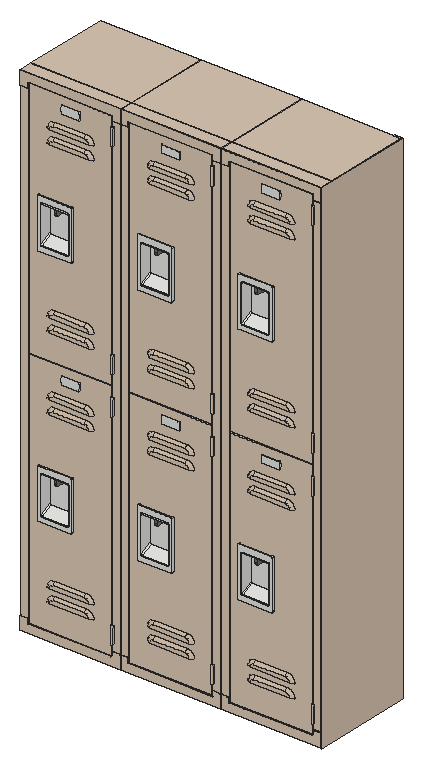
Revit family "Locker_SalsburyInd_Metal-2-Tier-Triple", category Specialty Equipment, Revit 2026
Family settings
  Round Connector Dimension = Use Diameter
  Part Type = Normal
  Classification Number = 23.40.00.00
  Work Plane-Based = No
  Enable Cutting in Views = No
  Always vertical = Yes
  Cut with Voids When Loaded = No
  Maintain Annotation Orientation = No
  Shared = No
  Room Calculation Point = No
Parameters
  Warranty Duration (Years) = 0
  Vertical Front Filler Width_Right [instance] = 15.000"
  Vertical Front Filler Width_Left [instance] = 15.000"
  Vertical Filler_Right [instance] = ML_Front Filler : None
  Vertical Filler_Left [instance] = ML_Front Filler : None
  Unit Width = 12.000"
  Unit Height = 60.000"
  Unit Depth = 12.000"
  URL = "www.lockers.com"
  Type Comments = "Specify Assembled or Disassembled"
  Specification = ""
  SpecWizard = ""
  Sales Information = "http://www.lockers.com/service/contact/"
  Revision = "R1_2017-09"
  Product Properties = "http://www.lockers.com/shop-by-department/metal-lockers/standard-12-w/"
  Product Data = "http://www.arcat.com/arcatcos/cos35/arc35330.html"
  Overall Height [instance] = Unit Height + Base Height + Sloping Hood Height  # 60.000"
  Manufacturer Website = "http://www.lockers.com/"
  Manufacturer Phone - Toll Free = "800-562-5377"
  Manufacturer Phone = "323-846-6700"
  Manufacturer Fax = "323-846-6800"
  Manufacturer Address = "1010 E. 62nd St.  Los Angeles, CA 90001-1598"
  Maintenance Schedule (Months) = 0
  Lock Type [instance] = "[Built-in Combination][Padlock][Built-in Resettable Combination]"
  Keynote = "10 50 00"
  Installation Phase = ""
  Hasp Plate Material [instance] = Finish - Salsbury - Polished Steel
  Hasp Handle Material [instance] = Finish - Salsbury - Black
  Green Building-LEED = ""
  Expected Lifespan (Years) = 0
  End Panel_Right [instance] = ML_End Panel : Single
  End Panel_Left [instance] = ML_End Panel : None
  Drawn By = "Sumex Design, Inc. / Robert S. Weygant, CSI, CDT, SCIP"
  Door Width = Unit Width - (1.063" * 2)  # 9.874"
  Door Height = Unit Height - (1.094" * 2)  # 57.812"
  Top Filler_Right [instance] = ML_Top Filler : None
  Top Filler_Left [instance] = ML_Top Filler : None
  Sloping Hood Height [instance] = if(not(Sloped Hood), 0.000", if(Unit Depth = 12.000", 6.625", if(Unit Depth = 15.000", 8.682", if(Unit Depth = 18.000", 10.739", 0.000"))))  # 0.000"
  Sloped Hood [instance] = no
  Model = "as Specified"
  Manufacturer = "Salsbury Industries"
  Fixture Finish [instance] = Finish - Salsbury - Tan
  Door B3 Label [instance] = "Number / Name as Specified"
  Door B2 Label [instance] = "Number / Name as Specified"
  Door B Label [instance] = "Number / Name as Specified"
  Door A3 Label [instance] = "Number / Name as Specified"
  Door A2 Label [instance] = "Number / Name as Specified"
  Door A Label [instance] = "Number / Name as Specified"
  Description = "Salsbury Locker as Specified"
  Default Elevation = 0.000"
  Copyright = "©Arcat Inc."
  Construction Details = "http://www.arcat.com/details/salsbury/salsbury.html?coid=35330"
  Base_Right [instance] = ML_Base Side : None
  Base_Left [instance] = ML_Base Side : None
  Base Type = ML_Base Type : No Legs
  Base Height = 0.000"
  Base Front [instance] = ML_Front Base : None
  Assembly Code = "C1030310"
Reference planes (in)
  plane 1 "Center (Front/Back)": y = 0.005
  plane 2: z = 0
  plane 3 "Center (Left/Right)": x = 0
  plane 4 "Floor": z = 0
  plane 5 "Bottom of Unit": z = 0
  plane 6 "Top of Unit": z = 60
  plane 7 "Left Side of Unit": x = -6
  plane 8 "Right Side of Unit": x = 6
  plane 9 "Back of Unit": y = 6.005
  plane 10 "Front of Unit": y = -5.995
  plane 11 "Top of Sloping Hood": z = 60
  plane 12 "Right Side of Door Opening": x = 5
  plane 13 "Left Side of Door Opening": x = -5
  plane 14 "Top of Door Opening": z = 59
  plane 15 "Bottom of Door Opening": z = 1
  plane 16 "Back Edge of Front Facing": y = -4.407
  plane 17 "Front Plate Plane": y = -6.055
  plane 18 "Top of Door 1": z = 58.90976
  plane 19 "Bottom of Bottom Door": z = 1.09027
  plane 20: x = -5.075
  plane 21: x = 5.075
  plane 22: z = 58.40796
  plane 23: z = 1.59204
  plane 24: x = -18
  plane 25: x = 18
  plane 26: x = -12
  plane 27: x = 12
  plane 28: x = -18.0625
  plane 29: x = 18.0625
Forms (in)
  Sweep 1, solid, material "Finish - Salsbury - Tan" <- "Fixture Finish"
    path origin (0, -5.995, 0) x (1, 0, 0) y (0, 0, 1)
      loop
        line (-6, 60) -> (-6, 0) -> (6, 0) -> (6, 60) -> (-6, 60)
    profile origin (0, -5.995, 60) x (0, 0, 1) y (0, -1, 0)
      loop
        line (0, 0) -> (-1, 0) -> (-1, -1.588) -> (0, -1.588) -> (0, 0)
  Extrusion 2, solid, material "Finish - Salsbury - Tan" <- "Fixture Finish"
    sketch origin (0, -6.055, 0) x (0, 0, -1) y (1, 0, 0)
      loop
        line (-60, -6) -> (-58.47656, -6)
        arc (-58.47656, -6) -> (-58.42806, -5.97991) -> (-58.40796, -5.9314) r 0.0686
        line (-58.40796, -5.9314) -> (-58.40796, -5.14351)
        arc (-58.40796, -5.14351) -> (-58.42809, -5.09506) -> (-58.47656, -5.075) r 0.0686
        line (-58.47656, -5.075) -> (-59, -5.075) -> (-59, 5.075) -> (-58.47656, 5.075)
        arc (-58.47656, 5.075) -> (-58.42809, 5.09506) -> (-58.40796, 5.14351) r 0.0686
        line (-58.40796, 5.14351) -> (-58.40796, 5.9314)
        arc (-58.40796, 5.9314) -> (-58.42806, 5.97991) -> (-58.47656, 6) r 0.0686
        line (-58.47656, 6) -> (-60, 6) -> (-60, -6)
    from -0.06 to 0
  Extrusion 3, solid, material "Finish - Salsbury - Tan" <- "Fixture Finish"
    sketch origin (0, -6.055, 84) x (0, 0, 1) y (-1, 0, 0)
      loop
        line (-84, 6) -> (-84, -6) -> (-82.47656, -6)
        arc (-82.47656, -6) -> (-82.42806, -5.97991) -> (-82.40796, -5.9314) r 0.0686
        line (-82.40796, -5.9314) -> (-82.40796, -5.14351)
        arc (-82.40796, -5.14351) -> (-82.42809, -5.09506) -> (-82.47656, -5.075) r 0.0686
        line (-82.47656, -5.075) -> (-83, -5.075) -> (-83, 5.075) -> (-82.47656, 5.075)
        arc (-82.47656, 5.075) -> (-82.42809, 5.09506) -> (-82.40796, 5.14351) r 0.0686
        line (-82.40796, 5.14351) -> (-82.40796, 5.9314)
        arc (-82.40796, 5.9314) -> (-82.42806, 5.97991) -> (-82.47656, 6) r 0.0686
        line (-82.47656, 6) -> (-84, 6)
    from -0.06 to 0
  Extrusion 4, solid, material "Finish - Salsbury - Tan" <- "Fixture Finish"
    sketch origin (6, 0, 0) x (0, 0, -1) y (0, -1, 0)
      loop
        line (-59.94, 4.407) -> (-59.94, 6.055) -> (-60, 6.055) -> (-60, -6.005) -> (0, -6.005) -> (0, 4.407) -> (-59.94, 4.407)
    from 0 to 12
  Extrusion 5, void
    sketch origin (6, 0, 0) x (0, 0, -1) y (0, -1, 0)
      loop
        line (-60, 6.055) -> (-60, 4.407) -> (-59.94, 4.407) -> (-59.94, 6.055) -> (-60, 6.055)
    from -12 to 24
  Sweep 6, solid, material "Finish - Salsbury - Tan" <- "Fixture Finish"
    path origin (-12, -5.995, 0) x (1, 0, 0) y (0, 0, 1)
      loop
        line (-6, 60) -> (-6, 0) -> (6, 0) -> (6, 60) -> (-6, 60)
    profile origin (-12, -5.995, 60) x (0, 0, 1) y (0, -1, 0)
      loop
        line (0, 0) -> (-1, 0) -> (-1, -1.588) -> (0, -1.588) -> (0, 0)
  Sweep 7, solid, material "Finish - Salsbury - Tan" <- "Fixture Finish"
    path origin (12, -5.995, 0) x (1, 0, 0) y (0, 0, 1)
      loop
        line (-6, 60) -> (-6, 0) -> (6, 0) -> (6, 60) -> (-6, 60)
    profile origin (12, -5.995, 60) x (0, 0, 1) y (0, -1, 0)
      loop
        line (0, 0) -> (-1, 0) -> (-1, -1.588) -> (0, -1.588) -> (0, 0)
  Extrusion 8, solid, material "Finish - Salsbury - Tan" <- "Fixture Finish"
    sketch origin (-12, -6.055, 0) x (0, 0, -1) y (1, 0, 0)
      loop
        line (-60, -6) -> (-58.47656, -6)
        arc (-58.47656, -6) -> (-58.42806, -5.97991) -> (-58.40796, -5.9314) r 0.0686
        line (-58.40796, -5.9314) -> (-58.40796, -5.14351)
        arc (-58.40796, -5.14351) -> (-58.42809, -5.09506) -> (-58.47656, -5.075) r 0.0686
        line (-58.47656, -5.075) -> (-59, -5.075) -> (-59, 5.075) -> (-58.47656, 5.075)
        arc (-58.47656, 5.075) -> (-58.42809, 5.09506) -> (-58.40796, 5.14351) r 0.0686
        line (-58.40796, 5.14351) -> (-58.40796, 5.9314)
        arc (-58.40796, 5.9314) -> (-58.42806, 5.97991) -> (-58.47656, 6) r 0.0686
        line (-58.47656, 6) -> (-60, 6) -> (-60, -6)
    from -0.06 to 0
  Extrusion 9, solid, material "Finish - Salsbury - Tan" <- "Fixture Finish"
    sketch origin (12, -6.055, 0) x (0, 0, -1) y (1, 0, 0)
      loop
        line (-60, -6) -> (-58.47656, -6)
        arc (-58.47656, -6) -> (-58.42806, -5.97991) -> (-58.40796, -5.9314) r 0.0686
        line (-58.40796, -5.9314) -> (-58.40796, -5.14351)
        arc (-58.40796, -5.14351) -> (-58.42809, -5.09506) -> (-58.47656, -5.075) r 0.0686
        line (-58.47656, -5.075) -> (-59, -5.075) -> (-59, 5.075) -> (-58.47656, 5.075)
        arc (-58.47656, 5.075) -> (-58.42809, 5.09506) -> (-58.40796, 5.14351) r 0.0686
        line (-58.40796, 5.14351) -> (-58.40796, 5.9314)
        arc (-58.40796, 5.9314) -> (-58.42806, 5.97991) -> (-58.47656, 6) r 0.0686
        line (-58.47656, 6) -> (-60, 6) -> (-60, -6)
    from -0.06 to 0
  Extrusion 10, solid, material "Finish - Salsbury - Tan" <- "Fixture Finish"
    sketch origin (6, 0, 0) x (0, 0, -1) y (0, -1, 0)
      loop
        line (-59.94, 4.407) -> (-59.94, 6.055) -> (-60, 6.055) -> (-60, -6.005) -> (0, -6.005) -> (0, 4.407) -> (-59.94, 4.407)
    from -12 to 0
  Extrusion 11, solid, material "Finish - Salsbury - Tan" <- "Fixture Finish"
    sketch origin (-6, 0, 0) x (0, 0, -1) y (0, 1, 0)
      loop
        line (-59.94, -4.407) -> (0, -4.407) -> (0, 6.005) -> (-60, 6.005) -> (-60, -6.055) -> (-59.94, -6.055) -> (-59.94, -4.407)
    from -12 to 0
  Extrusion 12, solid, material "Finish - Salsbury - Tan" <- "Fixture Finish"
    sketch origin (12, -6.055, 84) x (0, 0, 1) y (-1, 0, 0)
      loop
        line (-84, 6) -> (-84, -6) -> (-82.47656, -6)
        arc (-82.47656, -6) -> (-82.42806, -5.97991) -> (-82.40796, -5.9314) r 0.0686
        line (-82.40796, -5.9314) -> (-82.40796, -5.14351)
        arc (-82.40796, -5.14351) -> (-82.42809, -5.09506) -> (-82.47656, -5.075) r 0.0686
        line (-82.47656, -5.075) -> (-83, -5.075) -> (-83, 5.075) -> (-82.47656, 5.075)
        arc (-82.47656, 5.075) -> (-82.42809, 5.09506) -> (-82.40796, 5.14351) r 0.0686
        line (-82.40796, 5.14351) -> (-82.40796, 5.9314)
        arc (-82.40796, 5.9314) -> (-82.42806, 5.97991) -> (-82.47656, 6) r 0.0686
        line (-82.47656, 6) -> (-84, 6)
    from -0.06 to 0
  Extrusion 13, solid, material "Finish - Salsbury - Tan" <- "Fixture Finish"
    sketch origin (-12, -6.055, 84) x (0, 0, 1) y (-1, 0, 0)
      loop
        line (-84, -6) -> (-82.47656, -6)
        arc (-82.47656, -6) -> (-82.42806, -5.97991) -> (-82.40796, -5.9314) r 0.0686
        line (-82.40796, -5.9314) -> (-82.40796, -5.14351)
        arc (-82.40796, -5.14351) -> (-82.42809, -5.09506) -> (-82.47656, -5.075) r 0.0686
        line (-82.47656, -5.075) -> (-83, -5.075) -> (-83, 5.075) -> (-82.47656, 5.075)
        arc (-82.47656, 5.075) -> (-82.42809, 5.09506) -> (-82.40796, 5.14351) r 0.0686
        line (-82.40796, 5.14351) -> (-82.40796, 5.9314)
        arc (-82.40796, 5.9314) -> (-82.42806, 5.97991) -> (-82.47656, 6) r 0.0686
        line (-82.47656, 6) -> (-84, 6) -> (-84, -6)
    from -0.06 to 0
Cuts and joins
  Extrusion 5 cuts Extrusion 4
  Extrusion 5 cuts Extrusion 10
  Extrusion 5 cuts Extrusion 11
Dimensions and locks (in)
  equal spacing: plane 7 "Left Side of Unit", plane 3 "Center (Left/Right)", plane 8 "Right Side of Unit"
  "Unit Width": plane 7 "Left Side of Unit" to plane 8 "Right Side of Unit"
  "Base Height": plane 5 "Bottom of Unit" to plane 4 "Floor"
  "Unit Height": plane 6 "Top of Unit" to plane 5 "Bottom of Unit"
  equal spacing: plane 10 "Front of Unit", plane 1 "Center (Front/Back)", plane 9 "Back of Unit"
  "Unit Depth": plane 10 "Front of Unit" to plane 9 "Back of Unit"
  "Sloping Hood Height": plane 11 "Top of Sloping Hood" to plane 6 "Top of Unit"
  plane 6 "Top of Unit" to plane 14 "Top of Door Opening" to plane 18 "Top of Door 1" to plane 22 = 1.000" locked, 0.09024" locked, 0.5018" locked
  plane 23 to plane 19 "Bottom of Bottom Door" to plane 15 "Bottom of Door Opening" to plane 5 "Bottom of Unit" = 0.50177" locked, 0.09027" locked, 1.000" locked
  locked: plane 7 "Left Side of Unit" to plane 13 "Left Side of Door Opening" at 1
  locked: plane 12 "Right Side of Door Opening" to plane 8 "Right Side of Unit" at 1
  plane 17 "Front Plate Plane" to plane 10 "Front of Unit" to plane 16 "Back Edge of Front Facing" = 0.060" locked, 1.588" locked
  locked: plane 7 "Left Side of Unit" to plane 20 at 0.925
  locked: plane 21 to plane 8 "Right Side of Unit" at 0.925
  locked: Extrusion 4 sketch curve to plane 6 "Top of Unit" at 0.06
  locked: Extrusion 5 sketch curve to plane 6 "Top of Unit" at 0.06
  equal spacing: plane 24, plane 26, plane 7 "Left Side of Unit"
  equal spacing: plane 8 "Right Side of Unit", plane 27, plane 25
  "Unit Width": plane 24 to plane 7 "Left Side of Unit"
  "Unit Width": plane 8 "Right Side of Unit" to plane 25
  locked: plane 29 to plane 25 at 0.0625
  locked: plane 24 to plane 28 at 0.0625
  locked: plane 5 "Bottom of Unit" to Sweep 7 sketch curve at 0
  locked: plane 8 "Right Side of Unit" to Extrusion 9 sketch curve at 0.925
  locked: plane 25 to Extrusion 9 sketch curve at 0.925
  locked: Extrusion 8 sketch curve to plane 24 at 0.925
  locked: Extrusion 8 sketch curve to plane 7 "Left Side of Unit" at 0.925
  locked: Extrusion 10 sketch curve to plane 6 "Top of Unit" at 0.06
  locked: Extrusion 11 sketch curve to plane 6 "Top of Unit" at 0.06
  locked: Extrusion 13 sketch curve to plane 7 "Left Side of Unit" at 0.925
  locked: Extrusion 13 sketch curve to plane 24 at 0.925
  locked: plane 8 "Right Side of Unit" to Extrusion 12 sketch curve at 0.925
  locked: plane 25 to Extrusion 12 sketch curve at 0.925
  aligned and locked: level to plane 2
  aligned and locked: Extrusion 2 to plane 10 "Front of Unit"
  aligned and locked: Extrusion 3 to plane 10 "Front of Unit"
  aligned and locked: plane 4 "Floor" to nested 1
  aligned and locked: plane 5 "Bottom of Unit" to Extrusion 3
  aligned and locked: plane 10 "Front of Unit" to nested 2
  aligned and locked: nested 5 to plane 10 "Front of Unit"
  aligned and locked: plane 10 "Front of Unit" to nested 6
  aligned and locked: plane 10 "Front of Unit" to nested 4
  aligned and locked: plane 10 "Front of Unit" to nested 8
  aligned and locked: plane 10 "Front of Unit" to nested 1
  aligned and locked: plane 6 "Top of Unit" to Sweep 1 sketch curve  (x2)
  aligned and locked: Sweep 1 sketch curve to plane 7 "Left Side of Unit"
  aligned and locked: plane 8 "Right Side of Unit" to Sweep 1 sketch curve
  aligned and locked: Sweep 1 sketch curve to plane 5 "Bottom of Unit"
  aligned and locked: plane 10 "Front of Unit" to Sweep 1
  aligned and locked: Extrusion 2 to plane 17 "Front Plate Plane"
  aligned and locked: plane 10 "Front of Unit" to Extrusion 2
  aligned and locked: Extrusion 2 to plane 8 "Right Side of Unit"
  aligned and locked: plane 7 "Left Side of Unit" to Extrusion 2
  aligned and locked: plane 7 "Left Side of Unit" to Extrusion 3
  aligned and locked: plane 17 "Front Plate Plane" to Extrusion 3
  aligned and locked: Extrusion 3 to plane 8 "Right Side of Unit"
  aligned and locked: plane 20 to Extrusion 3
  aligned and locked: plane 21 to Extrusion 3
  aligned and locked: plane 21 to Extrusion 2
  aligned and locked: Extrusion 2 to plane 20
  aligned and locked: plane 16 "Back Edge of Front Facing" to Sweep 1 sketch curve
  aligned and locked: Sweep 1 sketch curve to plane 14 "Top of Door Opening"
  aligned and locked: Sweep 1 sketch curve to plane 10 "Front of Unit"
  aligned and locked: plane 22 to Extrusion 2  (x2)
  aligned and locked: Extrusion 2 to plane 6 "Top of Unit"
  aligned and locked: plane 14 "Top of Door Opening" to Extrusion 2
  aligned and locked: Extrusion 3 to plane 15 "Bottom of Door Opening"
  aligned and locked: plane 23 to Extrusion 3
  aligned and locked: Extrusion 3 to plane 23
  aligned and locked: plane 10 "Front of Unit" to nested 7
  aligned and locked: plane 11 "Top of Sloping Hood" to Extrusion 4 sketch curve
  aligned and locked: Extrusion 4 to plane 8 "Right Side of Unit"
  aligned and locked: plane 7 "Left Side of Unit" to Extrusion 4
  aligned and locked: plane 17 "Front Plate Plane" to Extrusion 4 sketch curve
  aligned and locked: Extrusion 5 sketch curve to plane 16 "Back Edge of Front Facing"
  aligned and locked: Extrusion 5 sketch curve to plane 6 "Top of Unit"
  aligned and locked: plane 17 "Front Plate Plane" to Extrusion 5 sketch curve
  aligned and locked: plane 5 "Bottom of Unit" to nested 4
  aligned and locked: nested 5 to plane 5 "Bottom of Unit"
  aligned and locked: plane 1 "Center (Front/Back)" to nested 3
  aligned and locked: nested 9 to plane 1 "Center (Front/Back)"
  aligned and locked: plane 3 "Center (Left/Right)" to nested 2
  aligned and locked: plane 3 "Center (Left/Right)" to nested 1
  aligned and locked: plane 1 "Center (Front/Back)" to nested 10
  aligned and locked: nested 11 to plane 1 "Center (Front/Back)"
  aligned and locked: plane 3 "Center (Left/Right)" to nested 8
  aligned and locked: nested 6 to plane 25
  aligned and locked: plane 24 to nested 7
  aligned and locked: plane 27 to nested 13
  aligned and locked: plane 26 to nested 12
  aligned and locked: plane 10 "Front of Unit" to nested 12
  aligned and locked: plane 10 "Front of Unit" to nested 13
  aligned and locked: nested 10 to plane 29
  aligned and locked: nested 11 to plane 28
  aligned and locked: nested 4 to plane 25
  aligned and locked: nested 5 to plane 24
  aligned and locked: nested 3 to plane 25
  aligned and locked: nested 9 to plane 24
  aligned and locked: plane 26 to nested 14
  aligned and locked: plane 27 to nested 15
  aligned and locked: plane 10 "Front of Unit" to nested 14
  aligned and locked: plane 10 "Front of Unit" to nested 15
  aligned and locked: plane 27 to nested 17
  aligned and locked: plane 26 to nested 16
  aligned and locked: plane 10 "Front of Unit" to nested 16
  aligned and locked: plane 10 "Front of Unit" to nested 17
  aligned and locked: Sweep 7 sketch curve to plane 8 "Right Side of Unit"
  aligned and locked: plane 6 "Top of Unit" to Sweep 7 sketch curve
  aligned and locked: Sweep 7 sketch curve to plane 25
  aligned and locked: Sweep 6 sketch curve to plane 5 "Bottom of Unit"
  aligned and locked: plane 7 "Left Side of Unit" to Sweep 6 sketch curve
  aligned and locked: plane 24 to Sweep 6 sketch curve
  aligned and locked: plane 6 "Top of Unit" to Sweep 6 sketch curve
  aligned and locked: plane 5 "Bottom of Unit" to Extrusion 4 sketch curve
  aligned and locked: plane 8 "Right Side of Unit" to Extrusion 9 sketch curve
  aligned and locked: Extrusion 9 sketch curve to plane 25
  aligned and locked: plane 7 "Left Side of Unit" to Extrusion 8 sketch curve
  aligned and locked: Extrusion 8 sketch curve to plane 24
  aligned and locked: plane 25 to Extrusion 10
  aligned and locked: plane 8 "Right Side of Unit" to Extrusion 10
  aligned and locked: Extrusion 11 to plane 24
  aligned and locked: Extrusion 11 to plane 7 "Left Side of Unit"
  aligned and locked: plane 6 "Top of Unit" to Extrusion 4 sketch curve
  aligned and locked: plane 6 "Top of Unit" to Extrusion 9 sketch curve
  aligned and locked: plane 6 "Top of Unit" to Extrusion 8 sketch curve
  aligned and locked: plane 6 "Top of Unit" to Extrusion 10 sketch curve
  aligned and locked: Extrusion 10 sketch curve to plane 17 "Front Plate Plane"
  aligned and locked: plane 16 "Back Edge of Front Facing" to Extrusion 10 sketch curve
  aligned and locked: Extrusion 10 sketch curve to plane 9 "Back of Unit"
  aligned and locked: plane 11 "Top of Sloping Hood" to Extrusion 10 sketch curve
  aligned and locked: plane 5 "Bottom of Unit" to Extrusion 10 sketch curve
  aligned and locked: plane 25 to Extrusion 5
  aligned and locked: Extrusion 5 to plane 24
  aligned and locked: plane 6 "Top of Unit" to Extrusion 11 sketch curve
  aligned and locked: Extrusion 11 sketch curve to plane 17 "Front Plate Plane"
  aligned and locked: plane 16 "Back Edge of Front Facing" to Extrusion 11 sketch curve
  aligned and locked: Extrusion 11 sketch curve to plane 9 "Back of Unit"
  aligned and locked: plane 5 "Bottom of Unit" to Extrusion 11 sketch curve
  aligned and locked: plane 11 "Top of Sloping Hood" to Extrusion 11 sketch curve
  aligned and locked: Extrusion 13 sketch curve to plane 5 "Bottom of Unit"
  aligned and locked: plane 24 to Extrusion 13 sketch curve
  aligned and locked: Extrusion 13 sketch curve to plane 7 "Left Side of Unit"
  aligned and locked: Extrusion 12 sketch curve to plane 8 "Right Side of Unit"
  aligned and locked: plane 5 "Bottom of Unit" to Extrusion 12 sketch curve
  aligned and locked: plane 25 to Extrusion 12 sketch curve
  aligned and locked: plane 19 "Bottom of Bottom Door" to nested 13
  aligned and locked: plane 19 "Bottom of Bottom Door" to nested 8
  aligned and locked: nested 12 to plane 19 "Bottom of Bottom Door"
  aligned and locked: plane 26 to nested 19
  aligned and locked: plane 3 "Center (Left/Right)" to nested 18
  aligned and locked: plane 27 to nested 20
  aligned and locked: nested 19 to plane 18 "Top of Door 1"
  aligned and locked: nested 18 to plane 18 "Top of Door 1"
  aligned and locked: nested 20 to plane 18 "Top of Door 1"
  aligned and locked: plane 10 "Front of Unit" to nested 19
  aligned and locked: plane 10 "Front of Unit" to nested 18
  aligned and locked: plane 10 "Front of Unit" to nested 20
Automatic sketch dimensions
  Extrusion 2 sketch curve to plane 6 "Top of Unit" = 0.000"
  Extrusion 2 sketch curve to plane 14 "Top of Door Opening" = 0.000"
  plane 20 to Extrusion 2 sketch curve = 0.000"
  plane 7 "Left Side of Unit" to Extrusion 2 sketch curve = 0.000"
  plane 21 to Extrusion 2 sketch curve = 0.000"
  plane 8 "Right Side of Unit" to Extrusion 2 sketch curve = 0.000"
  Extrusion 2 sketch curve to plane 22 = 0.000"  (x2)
  Extrusion 2 sketch curve to plane 22 = 0.0686"  (x4)
  Extrusion 2 sketch curve to Extrusion 2 sketch curve = 0.0686"
  Extrusion 2 sketch curve to plane 21 = 0.06851"
  Extrusion 3 sketch curve to plane 5 "Bottom of Unit" = 0.000"
  Extrusion 3 sketch curve to plane 15 "Bottom of Door Opening" = 0.000"
  plane 20 to Extrusion 3 sketch curve = 0.000"
  plane 7 "Left Side of Unit" to Extrusion 3 sketch curve = 0.000"
  plane 21 to Extrusion 3 sketch curve = 0.000"
  plane 8 "Right Side of Unit" to Extrusion 3 sketch curve = 0.000"
  Extrusion 3 sketch curve to plane 23 = 0.000"  (x2)
  Extrusion 3 sketch curve to plane 23 = 0.0686"  (x4)
  Extrusion 3 sketch curve to Extrusion 3 sketch curve = 0.0686"
  plane 21 to Extrusion 3 sketch curve = 0.06851"
  Extrusion 4 sketch curve to plane 9 "Back of Unit" = 0.000"
  Extrusion 4 sketch curve to plane 16 "Back Edge of Front Facing" = 0.000"
  Sweep 6 sketch curve to plane 10 "Front of Unit" = 0.000"
  profile plane to Sweep 6 sketch curve = 0.000"
  profile plane to Sweep 6 sketch curve = 1.000"
  Sweep 6 sketch curve to plane 10 "Front of Unit" = 1.588"
  Sweep 7 sketch curve to plane 10 "Front of Unit" = 0.000"
  profile plane to Sweep 7 sketch curve = 0.000"
  profile plane to Sweep 7 sketch curve = 1.000"
  Sweep 7 sketch curve to plane 10 "Front of Unit" = 1.588"
  Extrusion 8 sketch curve to plane 14 "Top of Door Opening" = 0.000"
  Extrusion 8 sketch curve to plane 22 = 0.000"  (x2)
  Extrusion 8 sketch curve to plane 22 = 0.0686"  (x4)
  Extrusion 8 sketch curve to Extrusion 8 sketch curve = 0.0686"
  Extrusion 8 sketch curve to Extrusion 8 sketch curve = 0.06851"
  Extrusion 9 sketch curve to plane 14 "Top of Door Opening" = 0.000"
  Extrusion 9 sketch curve to plane 22 = 0.000"  (x2)
  Extrusion 9 sketch curve to plane 22 = 0.0686"  (x4)
  Extrusion 9 sketch curve to Extrusion 9 sketch curve = 0.0686"
  Extrusion 9 sketch curve to Extrusion 9 sketch curve = 0.06851"
  Extrusion 12 sketch curve to plane 15 "Bottom of Door Opening" = 0.000"
  Extrusion 12 sketch curve to plane 23 = 0.000"  (x2)
  Extrusion 12 sketch curve to plane 23 = 0.0686"  (x4)
  Extrusion 12 sketch curve to Extrusion 12 sketch curve = 0.00009"
  Extrusion 12 sketch curve to Extrusion 12 sketch curve = 0.06851"
  Extrusion 13 sketch curve to plane 15 "Bottom of Door Opening" = 0.000"
  Extrusion 13 sketch curve to plane 23 = 0.000"  (x2)
  plane 23 to Extrusion 13 sketch curve = 0.0686"  (x4)
  Extrusion 13 sketch curve to Extrusion 13 sketch curve = 0.00009"
  Extrusion 13 sketch curve to Extrusion 13 sketch curve = 0.06851"
Nested families (in)
  nested 1: "ML_Front Base" at (0, 0.01, 0), type <- "Base Front", Finish <- "Fixture Finish", Locker Width <- "Unit Width", type "None"
    with Width 10.000", Locker Width 12.000", Finish Finish - Salsbury - Tan
  nested 2: "ML_Base Type" at (0, 0.005, 0), type <- "Base Type", Finish <- "Fixture Finish", Depth <- "Unit Depth", Width <- "Unit Width", type "No Legs"
    with Width 12.000", Finish Finish - Salsbury - Tan, Depth 12.000"
  nested 3: "ML_Base Side" at (12.01, 0.005, 0), type <- "Base_Right", Locker Depth <- "Unit Depth", Finish <- "Fixture Finish", type "None"
    with Locker Depth 12.000", Finish Finish - Salsbury - Tan, Zee Corner no
  nested 4: "ML_End Panel" at (22.1325, 2.172, 0), type <- "End Panel_Right", Height <- "Unit Height", Depth <- "Unit Depth", Finish <- "Fixture Finish", type "Single"
    with controldepth 12.000", Height 60.000", Finish Finish - Salsbury - Tan, Depth 12.000", Base Height 0.000"
  nested 5: "ML_End Panel" at (-22.1325, 2.172, 0) x (-1, 0, 0) z (0, 0, 1), type <- "End Panel_Left", Height <- "Unit Height", Depth <- "Unit Depth", Finish <- "Fixture Finish", type "None"
    with controldepth 12.000", Height 60.000", Finish Finish - Salsbury - Tan, Depth 12.000", Base Height 0.000"
  nested 6: "ML_Front Filler" at (30.095, -3.078, 0), type <- "Vertical Filler_Right", Base Height <- "Base Height", Height <- "Unit Height", Width <- "Vertical Front Filler Width_Right", Finish <- "Fixture Finish", type "None"
    with Width 15.000", Height 60.000", Finish Finish - Salsbury - Tan, Base Height 0.000"
  nested 7: "ML_Front Filler" at (-20.905, -3.078, 0), type <- "Vertical Filler_Left", Base Height <- "Base Height", Height <- "Unit Height", Width <- "Vertical Front Filler Width_Left", Finish <- "Fixture Finish", type "None"
    with Width 15.000", Height 60.000", Finish Finish - Salsbury - Tan, Base Height 0.000"
  nested 8: "Metal Locker Doors_TwoTier" at (0, -5.545, 1.09027), Hasp Handle Material <- "Hasp Handle Material", Hasp Plate Rivet Material <- "Hasp Plate Material", Primary Structure Material <- "Fixture Finish", Width <- "Door Width", Height <- "Unit Height", type "as Specified"
    with Width 9.874", Primary Structure Material Finish - Salsbury - Tan, Other Louvers no, Louver Width 5.55412", Height 60.000", Hasp Plate Rivet Material Finish - Salsbury - Polished Steel, Hasp Handle Material Finish - Salsbury - Black, Door Height 28.8435"
  nested 9: "ML_Base Side" at (-12.01, 0.005, 0) x (-1, 0, 0) z (0, 0, 1), type <- "Base_Left", Locker Depth <- "Unit Depth", Finish <- "Fixture Finish", type "None"
    with Locker Depth 12.000", Finish Finish - Salsbury - Tan, Zee Corner no
  nested 10: "ML_Top Filler" at (22.6575, 2.172, 60), Finish <- "Fixture Finish", type <- "Top Filler_Right", Width <- "Vertical Front Filler Width_Right", Depth <- "Unit Depth", type "None"
    with Width 15.000", Sloped Height 6.625", Finish Finish - Salsbury - Tan, Depth 12.000", Corner Width 12.625"
  nested 11: "ML_Top Filler" at (-22.6575, 2.172, 60) x (-1, 0, 0) z (0, 0, 1), Finish <- "Fixture Finish", type <- "Top Filler_Left", Width <- "Vertical Front Filler Width_Left", Depth <- "Unit Depth", type "None"
    with Width 15.000", Sloped Height 6.625", Finish Finish - Salsbury - Tan, Depth 12.000", Corner Width 12.625"
  nested 12: "Metal Locker Doors_TwoTier" at (-12, -5.545, 1.09027), Hasp Handle Material <- "Hasp Handle Material", Hasp Plate Rivet Material <- "Hasp Plate Material", Primary Structure Material <- "Fixture Finish", Width <- "Door Width", Height <- "Unit Height", type "as Specified"
    with Width 9.874", Primary Structure Material Finish - Salsbury - Tan, Other Louvers no, Louver Width 5.55412", Height 60.000", Hasp Plate Rivet Material Finish - Salsbury - Polished Steel, Hasp Handle Material Finish - Salsbury - Black, Door Height 28.8435"
  nested 13: "Metal Locker Doors_TwoTier" at (12, -5.545, 1.09027), Hasp Handle Material <- "Hasp Handle Material", Hasp Plate Rivet Material <- "Hasp Plate Material", Primary Structure Material <- "Fixture Finish", Width <- "Door Width", Height <- "Unit Height", type "as Specified"
    with Width 9.874", Primary Structure Material Finish - Salsbury - Tan, Other Louvers no, Louver Width 5.55412", Height 60.000", Hasp Plate Rivet Material Finish - Salsbury - Polished Steel, Hasp Handle Material Finish - Salsbury - Black, Door Height 28.8435"
  nested 14: "ML_Front Base" at (-12, 0.01, 0), type <- "Base Front", Finish <- "Fixture Finish", Locker Width <- "Unit Width", type "None"
    with Width 10.000", Locker Width 12.000", Finish Finish - Salsbury - Tan
  nested 15: "ML_Front Base" at (12, 0.01, 0), type <- "Base Front", Finish <- "Fixture Finish", Locker Width <- "Unit Width", type "None"
    with Width 10.000", Locker Width 12.000", Finish Finish - Salsbury - Tan
  nested 16: "ML_Base Type" at (-12, 0.005, 0), type <- "Base Type", Finish <- "Fixture Finish", Depth <- "Unit Depth", Width <- "Unit Width", type "No Legs"
    with Width 12.000", Finish Finish - Salsbury - Tan, Depth 12.000"
  nested 17: "ML_Base Type" at (12, 0.005, 0), type <- "Base Type", Finish <- "Fixture Finish", Depth <- "Unit Depth", Width <- "Unit Width", type "No Legs"
    with Width 12.000", Finish Finish - Salsbury - Tan, Depth 12.000"
  nested 18: "Metal Locker Doors_TwoTier" at (0, -5.545, 30.06626), Hasp Handle Material <- "Hasp Handle Material", Hasp Plate Rivet Material <- "Hasp Plate Material", Primary Structure Material <- "Fixture Finish", Width <- "Door Width", Height <- "Unit Height", type "as Specified"
    with Width 9.874", Primary Structure Material Finish - Salsbury - Tan, Other Louvers no, Louver Width 5.55412", Height 60.000", Hasp Plate Rivet Material Finish - Salsbury - Polished Steel, Hasp Handle Material Finish - Salsbury - Black, Door Height 28.8435"
  nested 19: "Metal Locker Doors_TwoTier" at (-12, -5.545, 30.06626), Hasp Handle Material <- "Hasp Handle Material", Hasp Plate Rivet Material <- "Hasp Plate Material", Primary Structure Material <- "Fixture Finish", Width <- "Door Width", Height <- "Unit Height", type "as Specified"
    with Width 9.874", Primary Structure Material Finish - Salsbury - Tan, Other Louvers no, Louver Width 5.55412", Height 60.000", Hasp Plate Rivet Material Finish - Salsbury - Polished Steel, Hasp Handle Material Finish - Salsbury - Black, Door Height 28.8435"
  nested 20: "Metal Locker Doors_TwoTier" at (12, -5.545, 30.06626), Hasp Handle Material <- "Hasp Handle Material", Hasp Plate Rivet Material <- "Hasp Plate Material", Primary Structure Material <- "Fixture Finish", Width <- "Door Width", Height <- "Unit Height", type "as Specified"
    with Width 9.874", Primary Structure Material Finish - Salsbury - Tan, Other Louvers no, Louver Width 5.55412", Height 60.000", Hasp Plate Rivet Material Finish - Salsbury - Polished Steel, Hasp Handle Material Finish - Salsbury - Black, Door Height 28.8435"
Definition of nested family "ML_End Panel"
  Parameters (values of type "Double")
    controldepth [instance] = if(Single End Panel, Depth, Depth * 2)  # 24.020"
    Width = 0.925"
    Visible = yes
    Version = "1.0 (11/30/15)"
    Type Comments = "Finished Double End Panel for Standard Metal Lockers"
    Single End Panel = no
    Model = ""
    MasterFormat Title = ""
    MasterFormat Number = ""
    Manufacturer = "Salsbury Industries"
    Height [instance] = 60.000"
    Finish [instance] = none
    Description = "Double End Panel"
    Depth [instance] = 12.010"
    Default Elevation = 0.000"
    Base Height [instance] = 0.750"
    Assembly Code = ""
  Types (3): name | controldepth | Visible | Type Comments | Single End Panel | Model | Height | Description
    Single | 12.010" | yes | "Finished End Panel for Standard Metal Lockers" | yes | "" | 60.000" | "End Panel"
    None | 12.010" | no | "Finished End Panel for Standard Metal Lockers" | yes | "n/a" | 72.000" | ""
    Double | 24.020" | yes | "Finished Double End Panel for Standard Metal Lockers" | no | "" | 60.000" | "Double End Panel"
  Reference planes (in)
    plane 1 "Center (Front/Back)": y = -2.167
    plane 2: z = 0
    plane 3 "Center (Left/Right)": x = -4.595
    plane 4 "Bottom of Panel": z = 0
    plane 5 "Top of Panel": z = 60
    plane 6 "Front of Panel": y = -14.177
    plane 7 "Right Side of Enclosure": x = -4.1325
    plane 8 "Left Side of Enclosure": x = -5.0575
    plane 9 "Back of Panel": y = 9.843
    plane 10: z = 30
    plane 11: z = 58.283
    plane 12: z = 1.717
    plane 13 "Outside Edge of Front Flap": y = -14.23714
    plane 14 "Outside Edge of Back Flap": y = 9.903
    plane 15: z = -0.75
  Forms (in)
    Extrusion 1, solid, material <- "Finish", visible <- "Visible"
      sketch origin (-4.1325, 0.48244, 0) x (0, 0, -1) y (0, -1, 0)
        loop
          line (-60, 14.71958) -> (-60, -9.42056) -> (0.75, -9.42056) -> (0.75, 14.71958) -> (-60, 14.71958)
      from 0 to -0.06
    Extrusion 2, solid, material <- "Finish", visible <- "Visible"
      sketch origin (0, 9.843, 0) x (0, 0, -1) y (1, 0, 0)
        loop
          line (-60, -5.0575) -> (0.75, -5.0575) -> (0.75, -4.1325) -> (-60, -4.1325) -> (-60, -5.0575)
      from 0 to -0.06
    Extrusion 3, solid, material <- "Finish", visible <- "Visible"
      sketch origin (0, -14.177, 0) x (1, 0, 0) y (0, 0, 1)
        loop
          line (-5.0575, 58.283) -> (-5.0575, 1.717) -> (-4.1325, 1.717) -> (-4.1325, 58.283) -> (-5.0575, 58.283)
      from 0.06014 to 0
  Dimensions and locks (in)
    equal spacing: plane 6 "Front of Panel", plane 1 "Center (Front/Back)", plane 9 "Back of Panel"
    "controldepth": plane 6 "Front of Panel" to plane 9 "Back of Panel"
    equal spacing: plane 8 "Left Side of Enclosure", plane 3 "Center (Left/Right)", plane 7 "Right Side of Enclosure"
    "Width": plane 8 "Left Side of Enclosure" to plane 7 "Right Side of Enclosure"
    locked: plane 5 "Top of Panel" to plane 11 at 1.717
    locked: plane 13 "Outside Edge of Front Flap" to plane 6 "Front of Panel" at 0.06014
    locked: plane 9 "Back of Panel" to plane 14 "Outside Edge of Back Flap" at 0.06
    "Base Height": level to plane 15
    locked: plane 12 to level at 1.717
    equal spacing: plane 5 "Top of Panel", plane 10, level
    "Height": plane 5 "Top of Panel" to level
    aligned and locked: level to plane 2
    aligned and locked: plane 5 "Top of Panel" to Extrusion 1 sketch curve
    aligned and locked: plane 5 "Top of Panel" to Extrusion 2 sketch curve
    aligned and locked: Extrusion 2 to plane 9 "Back of Panel"
    aligned and locked: plane 11 to Extrusion 3 sketch curve
    aligned and locked: plane 6 "Front of Panel" to Extrusion 3
    aligned and locked: plane 14 "Outside Edge of Back Flap" to Extrusion 2
    aligned and locked: Extrusion 1 to plane 14 "Outside Edge of Back Flap"
    aligned and locked: plane 13 "Outside Edge of Front Flap" to Extrusion 3
    aligned and locked: plane 7 "Right Side of Enclosure" to Extrusion 2
    aligned and locked: Extrusion 3 to plane 7 "Right Side of Enclosure"
    aligned and locked: Extrusion 1 to plane 15
    aligned and locked: Extrusion 2 to plane 15
  Automatic sketch dimensions
    Extrusion 1 sketch curve to level = 0.750"
    Extrusion 2 sketch curve to level = 0.750"
    plane 8 "Left Side of Enclosure" to Extrusion 2 sketch curve = 0.000"
    plane 7 "Right Side of Enclosure" to Extrusion 2 sketch curve = 0.000"
    plane 8 "Left Side of Enclosure" to Extrusion 3 sketch curve = 0.000"
    Extrusion 3 sketch curve to plane 12 = 0.000"
    plane 7 "Right Side of Enclosure" to Extrusion 3 sketch curve = 0.000"
    Extrusion 1 sketch curve to plane 14 "Outside Edge of Back Flap" = 0.000"
    plane 6 "Front of Panel" to Extrusion 1 sketch curve = 0.06014"
Definition of nested family "Metal Locker Doors_TwoTier"
  Parameters (values of type "as Specified")
    Width [instance] = 9.938"
    Visible Top Louvers 3 and 4 = yes
    Visible Top Louver 2 = yes
    Visible Hinge 3 = yes
    Visible Bottom Louvers 1 and 2 = yes
    Visible Bottom Louver 3 = yes
    Top Louver Set Vertical Alignment = 3.063"
    Primary Structure Material [instance] = none
    Other Louvers [instance] = Height = 72.000"  # no
    Number Plate Alignment = 0.9375"
    Louver Width [instance] = Width * 9 / 16  # 5.59013"
    Hinge 3 Placement = 54.500"
    Hinge 2 Placement = 27.875"
    Hinge 1 Placement = 1.125"
    Height [instance] = 60.000"
    Hasp Plate Rivet Material [instance] = none
    Hasp Height = 5.960"
    Hasp Handle Material [instance] = none
    Door Height [instance] = (Height - (1.094" * 2) - 0.125") / 2  # 28.8435"
    Depth = 0.900"
    Default Elevation = 48.000"
    Bottom Louver Set Vertical Alignment = 3.063"
  Reference planes (in)
    plane 1 "Center (Front/Back)": y = 0
    plane 2 "Bottom of Door": z = 0
    plane 3 "Center (Left/Right)": x = 0
    plane 4 "Center (Top/Bottom)": z = 14.42175
    plane 5 "Top of Door": z = 28.8435
    plane 6 "Right Side of Door": x = 4.969
    plane 7 "Left Side of Door": x = -4.969
    plane 8 "Front of Door": y = -0.45
    plane 9 "Back of Door": y = 0.45
    plane 10 "Top of Number Plate": z = 27.906
    plane 11 "Top of Top Vent 1": z = 25.7805
    plane 12 "Top of Top Vent 2": z = 24.1555
    plane 13 "Top of Top Vent 3": z = 22.5305
    plane 14 "Top of Top Vent 4": z = 20.9055
    plane 15 "Bottom of Bottom Vent 1": z = 7.938
    plane 16 "Bottom of Bottom Vent 2": z = 6.313
    plane 17 "Bottom of Bottom Vent 3": z = 4.688
    plane 18 "Bottom of Bottom Vent 4": z = 3.063
    plane 19 "Top of Hasp Alignment": z = 17.40175
    plane 20 "Left Side of Hasp Alignment": x = -3.844
    plane 21 "Bottom of Hasp Alignment": z = 11.44175
    plane 22 "Right Side of Hasp Alignment": x = 0.256
    plane 23 "Left Side of Louvers": x = -2.79506
    plane 24 "Right Side of Louvers": x = 2.79506
    plane 25 "Front of Louvers": y = -0.6375
    plane 26: x = -1.094
    plane 27: x = 1.094
    plane 28: z = 26.906
    plane 29 "Center Hasp": x = -1.794
    plane 30 "Top of Hinge 3": z = 3.312
    plane 31 "Top of Hinge 2": z = 15.45275
    plane 32 "Top of Hinge 1": z = 27.7185
  Forms (in)
    Extrusion 1, solid, material <- "Primary Structure Material"
      sketch origin (0, 0, 0) x (1, 0, 0) y (0, 0, 1)
        loop
          line (-4.969, 28.8435) -> (-4.969, 0) -> (4.969, 0) -> (4.969, 28.8435) -> (-4.969, 28.8435)
      from -0.45 to 0.45
    Blend 2, solid, material <- "Primary Structure Material"
      base sketch origin (0, -0.45, 0) x (1, 0, 0) y (0, 0, 1)
        loop
          line (-2.79506, 24.87894) -> (2.79506, 24.87894)
          arc (2.79506, 24.87894) -> (2.531, 25.51644) -> (1.8935, 25.7805) r 0.90156
          line (1.8935, 25.7805) -> (-1.8935, 25.7805)
          arc (-1.8935, 25.7805) -> (-2.531, 25.51644) -> (-2.79506, 24.87894) r 0.90156
      top sketch origin (0, -0.6375, 0) x (1, 0, 0) y (0, 0, 1)
        loop
          line (-2.36248, 24.87894) -> (2.36248, 24.87894)
          arc (2.36248, 24.87894) -> (2.22656, 25.20708) -> (1.89842, 25.343) r 0.46406
          line (1.89842, 25.343) -> (-1.89842, 25.343)
          arc (-1.89842, 25.343) -> (-2.22656, 25.20708) -> (-2.36248, 24.87894) r 0.46406
      from 0 to 0
    Blend 3, solid, material <- "Primary Structure Material"
      base sketch origin (0, -0.45, -1.625) x (1, 0, 0) y (0, 0, 1)
        loop
          line (-2.79506, 24.87894) -> (2.79506, 24.87894)
          arc (2.79506, 24.87894) -> (2.531, 25.51644) -> (1.8935, 25.7805) r 0.90156
          line (1.8935, 25.7805) -> (-1.8935, 25.7805)
          arc (-1.8935, 25.7805) -> (-2.531, 25.51644) -> (-2.79506, 24.87894) r 0.90156
      top sketch origin (0, -0.6375, -1.625) x (1, 0, 0) y (0, 0, 1)
        loop
          line (-2.36248, 24.87894) -> (2.36248, 24.87894)
          arc (2.36248, 24.87894) -> (2.22656, 25.20708) -> (1.89842, 25.343) r 0.46406
          line (1.89842, 25.343) -> (-1.89842, 25.343)
          arc (-1.89842, 25.343) -> (-2.22656, 25.20708) -> (-2.36248, 24.87894) r 0.46406
      from 0 to 0
    Blend 4, solid, material <- "Primary Structure Material", visible <- "Other Louvers"
      base sketch origin (0, -0.45, -3.25) x (1, 0, 0) y (0, 0, 1)
        loop
          line (-2.79506, 24.87894) -> (2.79506, 24.87894)
          arc (2.79506, 24.87894) -> (2.531, 25.51644) -> (1.8935, 25.7805) r 0.90156
          line (1.8935, 25.7805) -> (-1.8935, 25.7805)
          arc (-1.8935, 25.7805) -> (-2.531, 25.51644) -> (-2.79506, 24.87894) r 0.90156
      top sketch origin (0, -0.6375, -3.25) x (1, 0, 0) y (0, 0, 1)
        loop
          line (-2.36248, 24.87894) -> (2.36248, 24.87894)
          arc (2.36248, 24.87894) -> (2.22656, 25.20708) -> (1.89842, 25.343) r 0.46406
          line (1.89842, 25.343) -> (-1.89842, 25.343)
          arc (-1.89842, 25.343) -> (-2.22656, 25.20708) -> (-2.36248, 24.87894) r 0.46406
      from 0 to 0
    Blend 5, solid, material <- "Primary Structure Material", visible <- "Other Louvers"
      base sketch origin (0, -0.45, -4.875) x (1, 0, 0) y (0, 0, 1)
        loop
          line (-2.79506, 24.87894) -> (2.79506, 24.87894)
          arc (2.79506, 24.87894) -> (2.531, 25.51644) -> (1.8935, 25.7805) r 0.90156
          line (1.8935, 25.7805) -> (-1.8935, 25.7805)
          arc (-1.8935, 25.7805) -> (-2.531, 25.51644) -> (-2.79506, 24.87894) r 0.90156
      top sketch origin (0, -0.6375, -4.875) x (1, 0, 0) y (0, 0, 1)
        loop
          line (-2.36248, 24.87894) -> (2.36248, 24.87894)
          arc (2.36248, 24.87894) -> (2.22656, 25.20708) -> (1.89842, 25.343) r 0.46406
          line (1.89842, 25.343) -> (-1.89842, 25.343)
          arc (-1.89842, 25.343) -> (-2.22656, 25.20708) -> (-2.36248, 24.87894) r 0.46406
      from 0 to 0
    Blend 6, solid, material <- "Primary Structure Material", visible <- "Other Louvers"
      base sketch origin (0, -0.45, -57.818) x (1, 0, 0) y (0, 0, 1)
        loop
          line (-2.79506, 65.756) -> (2.79506, 65.756)
          arc (2.79506, 65.756) -> (2.531, 66.3935) -> (1.8935, 66.65756) r 0.90156
          line (1.8935, 66.65756) -> (-1.8935, 66.65756)
          arc (-1.8935, 66.65756) -> (-2.531, 66.3935) -> (-2.79506, 65.756) r 0.90156
      top sketch origin (0, -0.6375, -57.818) x (1, 0, 0) y (0, 0, 1)
        loop
          line (-2.36248, 65.756) -> (2.36248, 65.756)
          arc (2.36248, 65.756) -> (2.22656, 66.08414) -> (1.89842, 66.22006) r 0.46406
          line (1.89842, 66.22006) -> (-1.89842, 66.22006)
          arc (-1.89842, 66.22006) -> (-2.22656, 66.08414) -> (-2.36248, 65.756) r 0.46406
      from 0 to 0
    Blend 7, solid, material <- "Primary Structure Material", visible <- "Other Louvers"
      base sketch origin (0, -0.45, -59.443) x (1, 0, 0) y (0, 0, 1)
        loop
          line (-2.79506, 65.756) -> (2.79506, 65.756)
          arc (2.79506, 65.756) -> (2.531, 66.3935) -> (1.8935, 66.65756) r 0.90156
          line (1.8935, 66.65756) -> (-1.8935, 66.65756)
          arc (-1.8935, 66.65756) -> (-2.531, 66.3935) -> (-2.79506, 65.756) r 0.90156
      top sketch origin (0, -0.6375, -59.443) x (1, 0, 0) y (0, 0, 1)
        loop
          line (-2.36248, 65.756) -> (2.36248, 65.756)
          arc (2.36248, 65.756) -> (2.22656, 66.08414) -> (1.89842, 66.22006) r 0.46406
          line (1.89842, 66.22006) -> (-1.89842, 66.22006)
          arc (-1.89842, 66.22006) -> (-2.22656, 66.08414) -> (-2.36248, 65.756) r 0.46406
      from 0 to 0
    Blend 8, solid, material <- "Primary Structure Material"
      base sketch origin (0, -0.45, -61.068) x (1, 0, 0) y (0, 0, 1)
        loop
          line (-2.79506, 65.756) -> (2.79506, 65.756)
          arc (2.79506, 65.756) -> (2.531, 66.3935) -> (1.8935, 66.65756) r 0.90156
          line (1.8935, 66.65756) -> (-1.8935, 66.65756)
          arc (-1.8935, 66.65756) -> (-2.531, 66.3935) -> (-2.79506, 65.756) r 0.90156
      top sketch origin (0, -0.6375, -61.068) x (1, 0, 0) y (0, 0, 1)
        loop
          line (-2.36248, 65.756) -> (2.36248, 65.756)
          arc (2.36248, 65.756) -> (2.22656, 66.08414) -> (1.89842, 66.22006) r 0.46406
          line (1.89842, 66.22006) -> (-1.89842, 66.22006)
          arc (-1.89842, 66.22006) -> (-2.22656, 66.08414) -> (-2.36248, 65.756) r 0.46406
      from 0 to 0
    Blend 9, solid, material <- "Primary Structure Material"
      base sketch origin (0, -0.45, -62.693) x (1, 0, 0) y (0, 0, 1)
        loop
          line (-2.79506, 65.756) -> (2.79506, 65.756)
          arc (2.79506, 65.756) -> (2.531, 66.3935) -> (1.8935, 66.65756) r 0.90156
          line (1.8935, 66.65756) -> (-1.8935, 66.65756)
          arc (-1.8935, 66.65756) -> (-2.531, 66.3935) -> (-2.79506, 65.756) r 0.90156
      top sketch origin (0, -0.6375, -62.693) x (1, 0, 0) y (0, 0, 1)
        loop
          line (-2.36248, 65.756) -> (2.36248, 65.756)
          arc (2.36248, 65.756) -> (2.22656, 66.08414) -> (1.89842, 66.22006) r 0.46406
          line (1.89842, 66.22006) -> (-1.89842, 66.22006)
          arc (-1.89842, 66.22006) -> (-2.22656, 66.08414) -> (-2.36248, 65.756) r 0.46406
      from 0 to 0
    Extrusion 10, solid, material <- "Hasp Plate Rivet Material"
      sketch origin (0, -0.45, 0) x (1, 0, 0) y (0, 0, 1)
        loop
          arc (-1.06847, 27.87045) -> (-1.09512, 27.40771) -> (-1.06847, 26.94497) r 4.03112
          arc (-1.06847, 26.94497) -> (0, 26.90622) -> (1.06847, 26.94497) r 14.75
          arc (1.06847, 26.94497) -> (1.09512, 27.40771) -> (1.06847, 27.87045) r 4.03112
          arc (1.06847, 27.87045) -> (0, 27.90917) -> (-1.06847, 27.87045) r 14.7612
      from 0 to 0.03497
    Extrusion 11, solid, material <- "Hasp Plate Rivet Material"
      sketch origin (0, -0.45, 0) x (1, 0, 0) y (0, 0, 1)
        loop
          arc (-3.74618, 17.40175) -> (-3.81535, 17.3731) -> (-3.844, 17.30393) r 0.09782
          line (-3.844, 17.30393) -> (-3.844, 11.53876)
          arc (-3.844, 11.53876) -> (-3.81559, 11.47016) -> (-3.74699, 11.44175) r 0.09701
          line (-3.74699, 11.44175) -> (0.1498, 11.44175)
          arc (0.1498, 11.44175) -> (0.2249, 11.47285) -> (0.256, 11.54795) r 0.1062
          line (0.256, 11.54795) -> (0.256, 17.29721)
          arc (0.256, 17.29721) -> (0.22538, 17.37113) -> (0.15146, 17.40175) r 0.10454
          line (0.15146, 17.40175) -> (-3.74618, 17.40175)
      from 0 to 0.1875
    Extrusion 12, void
      sketch origin (0, 0.45, 0) x (1, 0, 0) y (0, 0, 1)
        loop
          line (-0.23842, 16.65175) -> (-3.33108, 16.65175)
          arc (-3.33108, 16.65175) -> (-3.4286, 16.61135) -> (-3.469, 16.51383) r 0.13792
          line (-3.469, 16.51383) -> (-3.469, 12.20467)
          arc (-3.469, 12.20467) -> (-3.4286, 12.10715) -> (-3.33108, 12.06675) r 0.13792
          line (-3.33108, 12.06675) -> (-0.23842, 12.06675)
          arc (-0.23842, 12.06675) -> (-0.15398, 12.10173) -> (-0.119, 12.18617) r 0.11942
          line (-0.119, 12.18617) -> (-0.119, 16.53233)
          arc (-0.119, 16.53233) -> (-0.15398, 16.61677) -> (-0.23842, 16.65175) r 0.11942
      from 0 to 1.0875
    Blend 13, solid, material <- "Hasp Plate Rivet Material"
      base sketch origin (5.54622, -0.6375, 48) x (1, 0, 0) y (0, 0, 1)
        loop
          line (-5.80314, -31.34825) -> (-8.8773, -31.34825)
          arc (-8.8773, -31.34825) -> (-8.97483, -31.38865) -> (-9.01522, -31.48617) r 0.13792
          line (-9.01522, -31.48617) -> (-9.01522, -35.10783)
          arc (-9.01522, -35.10783) -> (-8.97483, -35.20535) -> (-8.8773, -35.24575) r 0.13792
          line (-8.8773, -35.24575) -> (-5.80314, -35.24575)
          arc (-5.80314, -35.24575) -> (-5.70562, -35.20535) -> (-5.66522, -35.10783) r 0.13792
          line (-5.66522, -35.10783) -> (-5.66522, -31.48617)
          arc (-5.66522, -31.48617) -> (-5.70562, -31.38865) -> (-5.80314, -31.34825) r 0.13792
      top sketch origin (5.54622, -0.6375, 48) x (1, 0, 0) y (0, 0, 1)
        loop
          line (-5.80314, -31.34825) -> (-8.8773, -31.34825)
          arc (-8.8773, -31.34825) -> (-8.97483, -31.38865) -> (-9.01522, -31.48617) r 0.13792
          line (-9.01522, -31.48617) -> (-9.01522, -35.79533)
          arc (-9.01522, -35.79533) -> (-8.97483, -35.89285) -> (-8.8773, -35.93325) r 0.13792
          line (-8.8773, -35.93325) -> (-5.80314, -35.93325)
          arc (-5.80314, -35.93325) -> (-5.70562, -35.89285) -> (-5.66522, -35.79533) r 0.13792
          line (-5.66522, -35.79533) -> (-5.66522, -31.48617)
          arc (-5.66522, -31.48617) -> (-5.70562, -31.38865) -> (-5.80314, -31.34825) r 0.13792
      from -1.38343 to 0
    Blend 14, void
      base sketch origin (5.54622, -0.6375, 48) x (-1, 0, 0) y (0, 0, 1)
        loop
          arc (5.86564, -31.41075) -> (5.76812, -31.45115) -> (5.72772, -31.54867) r 0.13792
          line (5.72772, -31.54867) -> (5.72772, -35.04533)
          arc (5.72772, -35.04533) -> (5.76812, -35.14285) -> (5.86564, -35.18325) r 0.13792
          line (5.86564, -35.18325) -> (8.8148, -35.18325)
          arc (8.8148, -35.18325) -> (8.91233, -35.14285) -> (8.95272, -35.04533) r 0.13792
          line (8.95272, -35.04533) -> (8.95272, -31.54867)
          arc (8.95272, -31.54867) -> (8.91233, -31.45115) -> (8.8148, -31.41075) r 0.13792
          line (8.8148, -31.41075) -> (5.86564, -31.41075)
      top sketch origin (5.54622, -0.6375, 48) x (1, 0, 0) y (0, 0, 1)
        loop
          line (-5.81877, -31.38731) -> (-8.86168, -31.38731)
          arc (-8.86168, -31.38731) -> (-8.9592, -31.42771) -> (-8.9996, -31.52523) r 0.13792
          line (-8.9996, -31.52523) -> (-8.9996, -35.7797)
          arc (-8.9996, -35.7797) -> (-8.9592, -35.87723) -> (-8.86168, -35.91763) r 0.13792
          line (-8.86168, -35.91763) -> (-5.81877, -35.91763)
          arc (-5.81877, -35.91763) -> (-5.72124, -35.87723) -> (-5.68085, -35.7797) r 0.13792
          line (-5.68085, -35.7797) -> (-5.68085, -31.52523)
          arc (-5.68085, -31.52523) -> (-5.72124, -31.42771) -> (-5.81877, -31.38731) r 0.13792
      from 1.32053 to 0
    Extrusion 15, solid, material <- "Hasp Handle Material"
      sketch origin (-1.794, 0, 0.00013) x (0, 0, -1) y (0, -1, 0)
        loop
          line (-16.63599, 0.45) -> (-16.63599, -0.51) -> (-15.95412, -0.51)
          arc (-15.95412, -0.51) -> (-15.82712, -0.45412) -> (-15.78252, -0.32274) r 0.17225
          arc (-15.78252, -0.32274) -> (-15.83177, -0.03) -> (-15.78252, 0.26274) r 0.89468
          arc (-15.78252, 0.26274) -> (-15.82712, 0.39412) -> (-15.95412, 0.45) r 0.17225
          line (-15.95412, 0.45) -> (-16.63599, 0.45)
      from -0.163 to 0.163
    Extrusion 16, void
      sketch origin (-1.794, -0.13281, 0.04687) x (0, 0, -1) y (0, -1, 0)
        loop
          circle (-16.25552, -0.16411) r 0.2
      from -0.163 to 0.163
    Extrusion 17, solid, material <- "Primary Structure Material", detail levels medium+fine
      sketch origin (0, 0, 27.7185) x (0, -1, 0) y (1, 0, 0)
        loop
          line (0.45, 4.969) -> (0.575, 4.969)
          arc (0.575, 4.969) -> (0.7, 5.094) -> (0.575, 5.219) r 0.125
          line (0.575, 5.219) -> (0.45, 5.219) -> (0.45, 4.969)
      from 0 to -2
    Extrusion 18, solid, material <- "Primary Structure Material", not visible, detail levels medium+fine
      sketch origin (0, 0, 15.45275) x (0, -1, 0) y (1, 0, 0)
        loop
          line (0.45, 4.969) -> (0.575, 4.969)
          arc (0.575, 4.969) -> (0.7, 5.094) -> (0.575, 5.219) r 0.125
          line (0.575, 5.219) -> (0.45, 5.219) -> (0.45, 4.969)
      from 0 to -2
    Extrusion 19, solid, material <- "Primary Structure Material", detail levels medium+fine
      sketch origin (0, 0, 3.312) x (0, -1, 0) y (1, 0, 0)
        loop
          line (0.45, 4.969) -> (0.575, 4.969)
          arc (0.575, 4.969) -> (0.7, 5.094) -> (0.575, 5.219) r 0.125
          line (0.575, 5.219) -> (0.45, 5.219) -> (0.45, 4.969)
      from 0 to -2
  Cuts and joins
    Extrusion 12, Extrusion 16 cuts Extrusion 1
    Extrusion 12 cuts Extrusion 11
    Extrusion 16 cuts Extrusion 15
    Blend 14 cuts Blend 13
  Dimensions and locks (in)
    equal spacing: plane 5 "Top of Door", plane 4 "Center (Top/Bottom)", plane 2 "Bottom of Door"
    "Door Height": plane 5 "Top of Door" to plane 2 "Bottom of Door"
    equal spacing: plane 8 "Front of Door", plane 1 "Center (Front/Back)", plane 9 "Back of Door"
    "Depth": plane 8 "Front of Door" to plane 9 "Back of Door"
    equal spacing: plane 7 "Left Side of Door", plane 3 "Center (Left/Right)", plane 6 "Right Side of Door"
    "Width": plane 7 "Left Side of Door" to plane 6 "Right Side of Door"
    "Number Plate Alignment": plane 5 "Top of Door" to plane 10 "Top of Number Plate" to plane 28
    equal spacing: plane 23 "Left Side of Louvers", plane 3 "Center (Left/Right)", plane 24 "Right Side of Louvers"
    "Louver Width": plane 23 "Left Side of Louvers" to plane 24 "Right Side of Louvers"
    "Top Louver Set Vertical Alignment": plane 5 "Top of Door" to plane 11 "Top of Top Vent 1"
    plane 11 "Top of Top Vent 1" to plane 12 "Top of Top Vent 2" to plane 13 "Top of Top Vent 3" to plane 14 "Top of Top Vent 4" = 1.625", 1.625", 1.625"
    "Bottom Louver Set Vertical Alignment": plane 18 "Bottom of Bottom Vent 4" to plane 2 "Bottom of Door"
    plane 15 "Bottom of Bottom Vent 1" to plane 16 "Bottom of Bottom Vent 2" to plane 17 "Bottom of Bottom Vent 3" to plane 18 "Bottom of Bottom Vent 4" = 1.625", 1.625", 1.625"
    equal spacing: plane 19 "Top of Hasp Alignment", plane 4 "Center (Top/Bottom)", plane 21 "Bottom of Hasp Alignment"
    "Hasp Height": plane 19 "Top of Hasp Alignment" to plane 21 "Bottom of Hasp Alignment"
    plane 7 "Left Side of Door" to plane 20 "Left Side of Hasp Alignment" to plane 22 "Right Side of Hasp Alignment" = 1.125" locked, 4.100"
    locked: plane 25 "Front of Louvers" to plane 8 "Front of Door" at 0.1875
    plane 26 to plane 3 "Center (Left/Right)" to plane 27 = 1.094" locked, 1.094" locked
    plane 20 "Left Side of Hasp Alignment" to plane 29 "Center Hasp" to plane 22 "Right Side of Hasp Alignment" = 2.050", 2.050"
    "Hinge 1 Placement": plane 5 "Top of Door" to plane 32 "Top of Hinge 1"
    locked: plane 20 "Left Side of Hasp Alignment" to Blend 14 sketch curve at 0.4375
    locked: Blend 14 sketch curve to plane 22 "Right Side of Hasp Alignment" at 0.4375
    locked: plane 20 "Left Side of Hasp Alignment" to Blend 14 sketch curve at 0.39062
    locked: Blend 14 sketch curve to plane 22 "Right Side of Hasp Alignment" at 0.39063
    locked: plane 20 "Left Side of Hasp Alignment" to Blend 13 sketch curve at 0.375  (x2)
    locked: Blend 13 sketch curve to plane 22 "Right Side of Hasp Alignment" at 0.375  (x2)
    locked: plane 20 "Left Side of Hasp Alignment" to Extrusion 12 sketch curve at 0.375
    locked: Extrusion 12 sketch curve to plane 22 "Right Side of Hasp Alignment" at 0.375
    locked: plane 19 "Top of Hasp Alignment" to Blend 14 sketch curve at 0.8125
    locked: plane 19 "Top of Hasp Alignment" to Blend 14 sketch curve at 0.78906
    locked: plane 19 "Top of Hasp Alignment" to Extrusion 12 sketch curve at 0.75
    locked: plane 30 "Top of Hinge 3" to level at 3.312
    locked: plane 31 "Top of Hinge 2" to plane 4 "Center (Top/Bottom)" at 1.031
    locked: Blend 2 sketch curve to plane 24 "Right Side of Louvers" at 0.90156
    locked: plane 23 "Left Side of Louvers" to Blend 2 sketch curve at 0.90156
    locked: plane 23 "Left Side of Louvers" to Blend 2 sketch curve at 0.89665
    locked: Blend 2 sketch curve to plane 24 "Right Side of Louvers" at 0.89665
    locked: Blend 3 sketch curve to plane 24 "Right Side of Louvers" at 0.90156
    locked: plane 23 "Left Side of Louvers" to Blend 3 sketch curve at 0.90156
    locked: plane 23 "Left Side of Louvers" to Blend 3 sketch curve at 0.89665
    locked: Blend 3 sketch curve to plane 24 "Right Side of Louvers" at 0.89665
    locked: plane 23 "Left Side of Louvers" to Blend 4 sketch curve at 0.90156
    locked: Blend 4 sketch curve to plane 24 "Right Side of Louvers" at 0.90156
    locked: plane 23 "Left Side of Louvers" to Blend 4 sketch curve at 0.89665
    locked: Blend 4 sketch curve to plane 24 "Right Side of Louvers" at 0.89665
    locked: plane 23 "Left Side of Louvers" to Blend 5 sketch curve at 0.90156
    locked: Blend 5 sketch curve to plane 24 "Right Side of Louvers" at 0.90156
    locked: plane 23 "Left Side of Louvers" to Blend 5 sketch curve at 0.89665
    locked: Blend 5 sketch curve to plane 24 "Right Side of Louvers" at 0.89665
    locked: plane 23 "Left Side of Louvers" to Blend 6 sketch curve at 0.90156
    locked: Blend 6 sketch curve to plane 24 "Right Side of Louvers" at 0.90156
    locked: plane 23 "Left Side of Louvers" to Blend 6 sketch curve at 0.89665
    locked: Blend 6 sketch curve to plane 24 "Right Side of Louvers" at 0.89665
    locked: plane 23 "Left Side of Louvers" to Blend 7 sketch curve at 0.90156
    locked: Blend 7 sketch curve to plane 24 "Right Side of Louvers" at 0.90156
    locked: plane 23 "Left Side of Louvers" to Blend 7 sketch curve at 0.89665
    locked: Blend 7 sketch curve to plane 24 "Right Side of Louvers" at 0.89665
    locked: plane 23 "Left Side of Louvers" to Blend 8 sketch curve at 0.90156
    locked: Blend 8 sketch curve to plane 24 "Right Side of Louvers" at 0.90156
    locked: plane 23 "Left Side of Louvers" to Blend 8 sketch curve at 0.89665
    locked: Blend 8 sketch curve to plane 24 "Right Side of Louvers" at 0.89665
    locked: plane 23 "Left Side of Louvers" to Blend 9 sketch curve at 0.89665
    locked: Blend 9 sketch curve to plane 24 "Right Side of Louvers" at 0.89665
    locked: plane 23 "Left Side of Louvers" to Blend 9 sketch curve at 0.90156
    locked: Blend 9 sketch curve to plane 24 "Right Side of Louvers" at 0.90156
    aligned and locked: level to plane 2 "Bottom of Door"
    aligned and locked: plane 5 "Top of Door" to Extrusion 1 sketch curve
    aligned and locked: Extrusion 1 sketch curve to plane 7 "Left Side of Door"
    aligned and locked: plane 2 "Bottom of Door" to Extrusion 1 sketch curve
    aligned and locked: plane 6 "Right Side of Door" to Extrusion 1 sketch curve
    aligned and locked: plane 25 "Front of Louvers" to Blend 2
    aligned and locked: plane 11 "Top of Top Vent 1" to Blend 2
    aligned and locked: plane 12 "Top of Top Vent 2" to Blend 3
    aligned and locked: plane 13 "Top of Top Vent 3" to Blend 4
    aligned and locked: plane 14 "Top of Top Vent 4" to Blend 5
